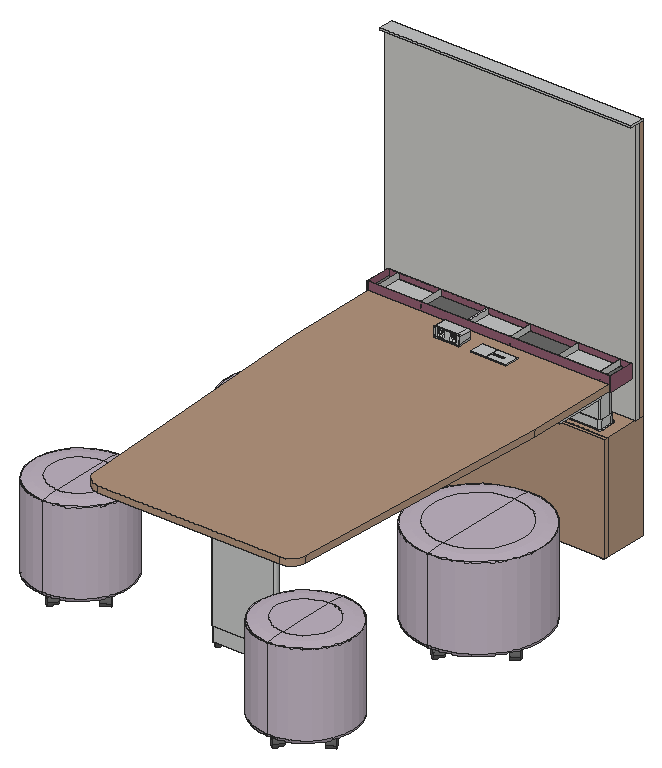
Revit family "Expansion_Casegoods-Meeting_01-Teknion-R2018", category Furniture Systems, Revit 2018 (continued)
Definition of nested family "Workstations-Multi_Level-Teknion-BH_MT_Peninusla_Bevel_Post_Leg_Mid_Height-R2018"
  Forms (in)
    Sweep 13, solid, material <- "Base Finish"
      path origin (-1.98841, 0, 0) x (0, 1, 0) y (0, 0, 1)
        loop
          line (-19.05225, 27.807) -> (-19.05225, 25.99598)
      profile origin (-1.98841, -19.05225, 26.90149) x (1, 0, 0) y (0, 1, 0)
        loop
          line (-1.89961, 2.14886) -> (-1.89961, -2.4257) -> (1.89961, -2.4257) -> (1.89961, 2.14886) -> (-1.89961, 2.14886)
    Sweep 14, solid, material <- "Base Finish"
      path origin (-1.98841, 0, 0) x (0, 1, 0) y (0, 0, 1)
        loop
          line (-9.40732, 26.17708) -> (-9.40732, 27.807)
      profile origin (-1.98841, -9.40732, 26.99204) x (0, -1, 0) y (1, 0, 0)
        loop
          line (-5.5, -5.19685) -> (5.5, -5.19685) -> (5.5, 1.85827) -> (-5.5, 1.85827) -> (-5.5, -5.19685)
    Sweep 15, solid
      path origin (-1.98841, 0, 0) x (0, 1, 0) y (0, 0, 1)
        loop
          line (9.31315, 27.807) -> (9.31315, 26.22826)
      profile origin (-1.98841, 9.31315, 27.01763) x (1, 0, 0) y (0, 1, 0)
        loop
          line (-4.05512, 6.75197) -> (-4.05512, -8.24803) -> (4.05512, -8.24803) -> (4.05512, 6.75197) -> (-4.05512, 6.75197)
    Sweep 16, solid, visible <- "Shared Outlets for Regular Powebar and IEC Powerbar"
      path origin (0, 0, 0) x (1, 0, 0) y (0, 1, 0)
        loop
          line (-0.13014, -7.16491) -> (0.05096, -7.16491)
      profile origin (-0.03959, -7.16491, 0) x (0, 1, 0) y (0, 0, 1)
        loop
          arc (0.51743, 27.47826) -> (0.5059, 27.5061) -> (0.47806, 27.51763) r 0.03937
          line (0.47806, 27.51763) -> (-0.49438, 27.51763)
          arc (-0.49438, 27.51763) -> (-0.52222, 27.5061) -> (-0.53375, 27.47826) r 0.03937
          line (-0.53375, 27.47826) -> (-0.53375, 26.50582)
          arc (-0.53375, 26.50582) -> (-0.52222, 26.47798) -> (-0.49438, 26.46645) r 0.03937
          line (-0.49438, 26.46645) -> (0.47806, 26.46645)
          arc (0.47806, 26.46645) -> (0.5059, 26.47798) -> (0.51743, 26.50582) r 0.03937
          line (0.51743, 26.50582) -> (0.51743, 27.47826)
        loop
          line (0.04105, 27.26172) -> (0.04105, 27.19086) -> (0.39145, 27.19086) -> (0.39145, 27.26172) -> (0.04105, 27.26172)
        loop
          line (0.08042, 26.78535) -> (0.08042, 26.71448) -> (0.35208, 26.71448) -> (0.35208, 26.78535) -> (0.08042, 26.78535)
        loop
          line (-0.36052, 27.09637) -> (-0.36052, 26.88771) -> (-0.25619, 26.88771)
          arc (-0.25619, 26.88771) -> (-0.15186, 26.99204) -> (-0.25619, 27.09637) r 0.10433
          line (-0.25619, 27.09637) -> (-0.36052, 27.09637)
    Sweep 17, solid, visible <- "Shared Outlets for Regular Powebar and IEC Powerbar"
      path origin (0, -1.5748, 0) x (1, 0, 0) y (0, 1, 0)
        loop
          line (0.05096, -7.16491) -> (-0.13014, -7.16491)
      profile origin (-0.03959, -8.73972, 0) x (0, -1, 0) y (0, 0, 1)
        loop
          line (-0.51743, 27.47826) -> (-0.51743, 26.50582)
          arc (-0.51743, 26.50582) -> (-0.5059, 26.47798) -> (-0.47806, 26.46645) r 0.03937
          line (-0.47806, 26.46645) -> (0.49438, 26.46645)
          arc (0.49438, 26.46645) -> (0.52222, 26.47798) -> (0.53375, 26.50582) r 0.03937
          line (0.53375, 26.50582) -> (0.53375, 27.47826)
          arc (0.53375, 27.47826) -> (0.52222, 27.5061) -> (0.49438, 27.51763) r 0.03937
          line (0.49438, 27.51763) -> (-0.47806, 27.51763)
          arc (-0.47806, 27.51763) -> (-0.5059, 27.5061) -> (-0.51743, 27.47826) r 0.03937
        loop
          line (-0.04105, 27.26172) -> (-0.39145, 27.26172) -> (-0.39145, 27.19086) -> (-0.04105, 27.19086) -> (-0.04105, 27.26172)
        loop
          line (-0.08042, 26.78535) -> (-0.35208, 26.78535) -> (-0.35208, 26.71448) -> (-0.08042, 26.71448) -> (-0.08042, 26.78535)
        loop
          line (0.36052, 27.09637) -> (0.25619, 27.09637)
          arc (0.25619, 27.09637) -> (0.15186, 26.99204) -> (0.25619, 26.88771) r 0.10433
          line (0.25619, 26.88771) -> (0.36052, 26.88771) -> (0.36052, 27.09637)
    Sweep 18, solid, visible <- "Shared Outlets for Regular Powebar and IEC Powerbar"
      path origin (0, -3.14961, 0) x (1, 0, 0) y (0, 1, 0)
        loop
          line (0.05096, -7.16491) -> (-0.13014, -7.16491)
      profile origin (-0.03959, -10.31452, 0) x (0, -1, 0) y (0, 0, 1)
        loop
          line (-0.51743, 27.47826) -> (-0.51743, 26.50582)
          arc (-0.51743, 26.50582) -> (-0.5059, 26.47798) -> (-0.47806, 26.46645) r 0.03937
          line (-0.47806, 26.46645) -> (0.49438, 26.46645)
          arc (0.49438, 26.46645) -> (0.52222, 26.47798) -> (0.53375, 26.50582) r 0.03937
          line (0.53375, 26.50582) -> (0.53375, 27.47826)
          arc (0.53375, 27.47826) -> (0.52222, 27.5061) -> (0.49438, 27.51763) r 0.03937
          line (0.49438, 27.51763) -> (-0.47806, 27.51763)
          arc (-0.47806, 27.51763) -> (-0.5059, 27.5061) -> (-0.51743, 27.47826) r 0.03937
        loop
          line (-0.04105, 27.26172) -> (-0.39145, 27.26172) -> (-0.39145, 27.19086) -> (-0.04105, 27.19086) -> (-0.04105, 27.26172)
        loop
          line (-0.08042, 26.78535) -> (-0.35208, 26.78535) -> (-0.35208, 26.71448) -> (-0.08042, 26.71448) -> (-0.08042, 26.78535)
        loop
          line (0.36052, 27.09637) -> (0.25619, 27.09637)
          arc (0.25619, 27.09637) -> (0.15186, 26.99204) -> (0.25619, 26.88771) r 0.10433
          line (0.25619, 26.88771) -> (0.36052, 26.88771) -> (0.36052, 27.09637)
    Sweep 19, solid, visible <- "Integrated Powerbar"
      path origin (0, -4.72441, 0) x (1, 0, 0) y (0, 1, 0)
        loop
          line (0.05096, -7.16491) -> (-0.13014, -7.16491)
      profile origin (-0.03959, -11.88932, 0) x (0, -1, 0) y (0, 0, 1)
        loop
          line (-0.51743, 27.47826) -> (-0.51743, 26.50582)
          arc (-0.51743, 26.50582) -> (-0.5059, 26.47798) -> (-0.47806, 26.46645) r 0.03937
          line (-0.47806, 26.46645) -> (0.49438, 26.46645)
          arc (0.49438, 26.46645) -> (0.52222, 26.47798) -> (0.53375, 26.50582) r 0.03937
          line (0.53375, 26.50582) -> (0.53375, 27.47826)
          arc (0.53375, 27.47826) -> (0.52222, 27.5061) -> (0.49438, 27.51763) r 0.03937
          line (0.49438, 27.51763) -> (-0.47806, 27.51763)
          arc (-0.47806, 27.51763) -> (-0.5059, 27.5061) -> (-0.51743, 27.47826) r 0.03937
        loop
          line (-0.04105, 27.26172) -> (-0.39145, 27.26172) -> (-0.39145, 27.19086) -> (-0.04105, 27.19086) -> (-0.04105, 27.26172)
        loop
          line (-0.08042, 26.78535) -> (-0.35208, 26.78535) -> (-0.35208, 26.71448) -> (-0.08042, 26.71448) -> (-0.08042, 26.78535)
        loop
          line (0.36052, 27.09637) -> (0.25619, 27.09637)
          arc (0.25619, 27.09637) -> (0.15186, 26.99204) -> (0.25619, 26.88771) r 0.10433
          line (0.25619, 26.88771) -> (0.36052, 26.88771) -> (0.36052, 27.09637)
    Sweep 20, solid, visible <- "Shared Outlets for Regular Powebar and IEC Powerbar"
      path origin (0, 0, 0) x (1, 0, 0) y (0, 1, 0)
        loop
          line (-0.13014, -5.12389) -> (-0.09077, -5.12389)
      profile origin (-0.11046, -5.12389, 0) x (0, 1, 0) y (0, 0, 1)
        loop
          line (0.29137, 27.36704) -> (-0.45863, 27.36704) -> (-0.45863, 26.61704) -> (0.29137, 26.61704) -> (0.29137, 27.36704)
    Sweep 21, solid, visible <- "Shared Outlets for Regular Powebar and IEC Powerbar"
      path origin (-1.98841, 0, 0) x (0, 1, 0) y (0, 0, 1)
        loop
          line (-5.18312, 27.17196) -> (-5.18312, 26.81212)
      profile origin (-1.98841, -5.18312, 26.99204) x (1, 0, 0) y (0, 1, 0)
        loop
          arc (1.91732, -0.21928) -> (1.93653, -0.06827) -> (1.9981, 0.07096) r 0.52705
          line (1.9981, 0.07096) -> (1.87909, 0.18886) -> (1.87909, -0.21928) -> (1.91732, -0.21928)
    Sweep 22, solid, visible <- "Integrated Powerbar with IEC Outlet"
      path origin (0, 0, 0) x (1, 0, 0) y (0, 1, 0)
        loop
          line (-0.08684, -11.99122) -> (-0.13014, -11.99122)
      profile origin (-0.10849, -11.99122, 0) x (0, -1, 0) y (0, 0, 1)
        loop
          arc (-0.57996, 27.51763) -> (-0.6078, 27.5061) -> (-0.61933, 27.47826) r 0.03937
          line (-0.61933, 27.47826) -> (-0.61933, 26.50582)
          arc (-0.61933, 26.50582) -> (-0.6078, 26.47798) -> (-0.57996, 26.46645) r 0.03937
          line (-0.57996, 26.46645) -> (0.72713, 26.46645)
          arc (0.72713, 26.46645) -> (0.75497, 26.47798) -> (0.7665, 26.50582) r 0.03937
          line (0.7665, 26.50582) -> (0.7665, 27.47826)
          arc (0.7665, 27.47826) -> (0.75497, 27.5061) -> (0.72713, 27.51763) r 0.03937
          line (0.72713, 27.51763) -> (-0.57996, 27.51763)
        loop
          line (0.63855, 27.14024) -> (0.36351, 27.41527) -> (-0.21634, 27.41527) -> (-0.49138, 27.14024) -> (-0.49138, 26.56881) -> (0.63855, 26.56881) -> (0.63855, 27.14024)
        loop
          line (0.52634, 26.68102) -> (0.52634, 27.09496) -> (0.31824, 27.30306) -> (-0.17107, 27.30306) -> (-0.37917, 27.09496) -> (-0.37917, 26.68102) -> (0.52634, 26.68102)
        loop
          line (0.10902, 27.24401) -> (0.03815, 27.24401) -> (0.03815, 27.12196) -> (0.10902, 27.12196) -> (0.10902, 27.24401)
        loop
          line (-0.10949, 26.97629) -> (-0.18823, 26.97629) -> (-0.18823, 26.807) -> (-0.10949, 26.807) -> (-0.10949, 26.97629)
        loop
          line (0.3354, 26.97629) -> (0.25666, 26.97629) -> (0.25666, 26.807) -> (0.3354, 26.807) -> (0.3354, 26.97629)
    Sweep 23, void
      path origin (-1.98841, 0, 0) x (0, 1, 0) y (0, 0, 1)
        loop
          line (10.30386, 32.362) -> (10.30386, 31.862)
      profile origin (-1.98841, 10.30386, 32.112) x (1, 0, 0) y (0, 1, 0)
        loop
          arc (-4.59449, 15.03684) -> (-4.8868, 14.91577) -> (-5.00787, 14.62346) r 0.41339
          line (-5.00787, 14.62346) -> (-5.00787, 13.43448)
          arc (-5.00787, 13.43448) -> (-4.8868, 13.14217) -> (-4.59449, 13.0211) r 0.41339
          line (-4.59449, 13.0211) -> (-3.40551, 13.0211)
          arc (-3.40551, 13.0211) -> (-3.1132, 13.14217) -> (-2.99213, 13.43448) r 0.41339
          line (-2.99213, 13.43448) -> (-2.99213, 14.62346)
          arc (-2.99213, 14.62346) -> (-3.1132, 14.91577) -> (-3.40551, 15.03684) r 0.41339
          line (-3.40551, 15.03684) -> (-4.59449, 15.03684)
    Sweep 24, solid, material <- "Grommet Finish", visible <- "Has End of Worksurface - Rectangular & Square"
      path origin (-1.98841, 0, 0) x (0, 1, 0) y (0, 0, 1)
        loop
          line (24.33283, 29.51957) -> (24.33283, 29.362)
      profile origin (-1.98841, 24.33283, 29.44078) x (1, 0, 0) y (0, 1, 0)
        loop
          line (0.67284, 1.42203) -> (0.67284, -1.42203) -> (3.52107, -1.42203) -> (3.52107, 1.42203) -> (0.67284, 1.42203)
    Sweep 25, solid, material <- "Grommet Finish", visible <- "Has End of Worksurface - Rectangular & Square"
      path origin (-1.98841, 0, 0) x (0, 1, 0) y (0, 0, 1)
        loop
          line (24.33283, 29.362) -> (24.33283, 29.51957)
      profile origin (-1.98841, 24.33283, 29.44078) x (0, -1, 0) y (1, 0, 0)
        loop
          line (-1.42203, 3.52107) -> (-0.21267, 3.52107) -> (-0.21267, 5.79967) -> (0.21267, 5.79967) -> (0.21267, 3.52107) -> (1.42203, 3.52107) -> (1.42203, 7.32716) -> (-1.42203, 7.32716) -> (-1.42203, 3.52107)
  Cuts and joins
    Sweep 23 cuts Sweep 1
  Lines and regions (in)
    Masking region 1
      outline origin (0, 0, 0) x (1, 0, 0) y (0, 1, 0)
        loop
          line (-16.28326, -37.18685) -> (12.30644, -37.18685)
          arc (12.30644, -37.18685) -> (14.27658, -36.40569) -> (15.17612, -34.48671) r 2.875
          line (15.17612, -34.48671) -> (17.90659, 10.32438) -> (17.90659, 31.81315) -> (-21.88341, 31.81315) -> (-21.88341, 10.32438) -> (-19.15294, -34.48671)
          arc (-19.15294, -34.48671) -> (-18.2534, -36.40569) -> (-16.28326, -37.18685) r 2.875
    symbolic lines, detail levels medium+fine
      curve 1: line (10.15563, 19.38008, 0) -> (-14.13245, 19.38008, 0)
      curve 2: line (-20.35292, 18.27772, 0) -> (-8.28762, 18.27772, 0)
      curve 3: line (-14.13245, 19.38008, 0) -> (-14.13245, 27.78559, 0)
      curve 4: line (-20.35292, 28.03559, 0) -> (-20.35292, 18.27772, 0)
      curve 5: line (16.3761, 18.27772, 0) -> (16.3761, 28.03559, 0)
      curve 6: line (10.15563, 27.78559, 0) -> (10.15563, 19.38008, 0)
      curve 7: line (8.75208, 27.78559, 0) -> (16.1261, 27.78559, 0)
      curve 8: line (16.1261, 30.50212, 0) -> (8.75208, 30.50212, 0)
      curve 9: line (8.50208, 30.25212, 0) -> (8.50208, 28.03559, 0)
      curve 10: line (16.3761, 28.03559, 0) -> (16.3761, 30.25212, 0)
      curve 11: arc (8.50208, 30.25212, 0) -> (8.57531, 30.4289, 0) -> (8.75208, 30.50212, 0) r 0.25
      curve 12: arc (16.1261, 30.50212, 0) -> (16.30287, 30.4289, 0) -> (16.3761, 30.25212, 0) r 0.25
      curve 13: arc (16.1261, 27.78559, 0) -> (16.30287, 27.85881, 0) -> (16.3761, 28.03559, 0) r 0.25
      curve 14: arc (8.75208, 27.78559, 0) -> (8.57531, 27.85881, 0) -> (8.50208, 28.03559, 0) r 0.25
      curve 47: line (-20.10292, 27.78559, 0) -> (-12.7289, 27.78559, 0)
      curve 48: line (-12.7289, 30.50212, 0) -> (-20.10292, 30.50212, 0)
      curve 49: line (-12.4789, 28.03559, 0) -> (-12.4789, 30.25212, 0)
      curve 50: line (-20.35292, 30.25212, 0) -> (-20.35292, 28.03559, 0)
      curve 51: arc (-20.35292, 28.03559, 0) -> (-20.27969, 27.85881, 0) -> (-20.10292, 27.78559, 0) r 0.25
      curve 52: arc (-12.4789, 28.03559, 0) -> (-12.55213, 27.85881, 0) -> (-12.7289, 27.78559, 0) r 0.25
      curve 53: arc (-12.7289, 30.50212, 0) -> (-12.55213, 30.4289, 0) -> (-12.4789, 30.25212, 0) r 0.25
      curve 54: arc (-20.35292, 30.25212, 0) -> (-20.27969, 30.4289, 0) -> (-20.10292, 30.50212, 0) r 0.25
      curve 55: line (4.3108, 18.27772, 0) -> (16.3761, 18.27772, 0)
      curve 56: line (-7.18526, 18.27772, 0) -> (3.20844, 18.27772, 0)
      curve 57: line (-7.18526, -17.90732, 0) -> (-7.18526, 18.27772, 0)
      curve 58: line (-8.28762, 18.27772, 0) -> (-8.28762, -17.90732, 0)
      curve 59: line (3.20844, 18.27772, 0) -> (3.20844, -17.90732, 0)
      curve 60: line (4.3108, -17.90732, 0) -> (4.3108, 18.27772, 0)
      curve 61: line (4.3108, -17.90732, 0) -> (-8.28762, -17.90732, 0)
      curve 62: line (-8.28762, -17.90732, 0) -> (-8.28762, -26.64748, 0)
      curve 63: line (-8.28762, -26.64748, 0) -> (4.3108, -26.64748, 0)
      curve 64: line (4.3108, -26.64748, 0) -> (4.3108, -17.90732, 0)
      curve 65: line (-4.94904, -21.47795, 0) -> (-8.01503, -23.39379, 0)
      curve 66: line (0.97222, -21.47795, 0) -> (-4.94904, -21.47795, 0)
      curve 67: line (4.03821, -23.39379, 0) -> (0.97222, -21.47795, 0)
      curve 68: line (-7.78762, -24.18685, 0) -> (3.8108, -24.18685, 0)
      curve 69: arc (4.03821, -23.39379, 0) -> (4.22331, -23.876, 0) -> (3.8108, -24.18685, 0) r 0.42913
      curve 70: arc (-7.78762, -24.18685, 0) -> (-8.20013, -23.876, 0) -> (-8.01503, -23.39379, 0) r 0.42913
      curve 81: line (-0.0888, -21.47795, 0) -> (-0.0888, -16.90339, 0)
      curve 82: line (-0.0888, -16.90339, 0) -> (-3.88802, -16.90339, 0)
      curve 83: line (-3.88802, -16.90339, 0) -> (-3.88802, -21.47795, 0)
      curve 84: line (-0.13014, -3.90732, 0) -> (-7.18526, -3.90732, 0)
      curve 85: line (-0.13014, -14.90732, 0) -> (-0.13014, -3.90732, 0)
      curve 86: line (-7.18526, -14.90732, 0) -> (-0.13014, -14.90732, 0)
      curve 87: line (-6.04353, 16.06512, 0) -> (2.06671, 16.06512, 0)
      curve 88: line (-6.04353, 1.06512, 0) -> (-6.04353, 16.06512, 0)
      curve 89: line (2.06671, 1.06512, 0) -> (-6.04353, 1.06512, 0)
      curve 90: line (2.06671, 16.06512, 0) -> (2.06671, 1.06512, 0)
    symbolic lines, detail levels fine
      curve 15: line (8.30523, 30.25212, 0) -> (8.30523, 28.03559, 0)
      curve 16: line (16.1261, 30.69897, 0) -> (8.75208, 30.69897, 0)
      curve 17: line (16.57295, 28.03559, 0) -> (16.57295, 30.25212, 0)
      curve 18: line (8.75208, 27.58874, 0) -> (16.1261, 27.58874, 0)
      curve 19: arc (8.30523, 28.03559, 0) -> (8.43611, 27.71962, 0) -> (8.75208, 27.58874, 0) r 0.44685
      curve 20: arc (8.75208, 30.69897, 0) -> (8.43611, 30.5681, 0) -> (8.30523, 30.25212, 0) r 0.44685
      curve 21: arc (16.57295, 30.25212, 0) -> (16.44207, 30.5681, 0) -> (16.1261, 30.69897, 0) r 0.44685
      curve 22: arc (16.1261, 27.58874, 0) -> (16.44207, 27.71962, 0) -> (16.57295, 28.03559, 0) r 0.44685
      curve 23: line (16.29342, 30.97457, 0) -> (8.58476, 30.97457, 0)
      curve 24: line (16.84854, 27.86827, 0) -> (16.84854, 30.41945, 0)
      curve 25: line (8.58476, 27.31315, 0) -> (16.29342, 27.31315, 0)
      curve 26: line (8.02964, 30.41945, 0) -> (8.02964, 27.86827, 0)
      curve 27: arc (8.02964, 30.41945, 0) -> (8.19223, 30.81198, 0) -> (8.58476, 30.97457, 0) r 0.55512
      curve 28: arc (8.58476, 27.31315, 0) -> (8.19223, 27.47574, 0) -> (8.02964, 27.86827, 0) r 0.55512
      curve 29: arc (16.84854, 27.86827, 0) -> (16.68595, 27.47574, 0) -> (16.29342, 27.31315, 0) r 0.55512
      curve 30: arc (16.29342, 30.97457, 0) -> (16.68595, 30.81198, 0) -> (16.84854, 30.41945, 0) r 0.55512
      curve 31: line (-12.56158, 30.97457, 0) -> (-20.27024, 30.97457, 0)
      curve 32: line (-12.00646, 27.86827, 0) -> (-12.00646, 30.41945, 0)
      curve 33: line (-20.27024, 27.31315, 0) -> (-12.56158, 27.31315, 0)
      curve 34: line (-20.82536, 30.41945, 0) -> (-20.82536, 27.86827, 0)
      curve 35: arc (-20.82536, 30.41945, 0) -> (-20.66277, 30.81198, 0) -> (-20.27024, 30.97457, 0) r 0.55512
      curve 36: arc (-20.27024, 27.31315, 0) -> (-20.66277, 27.47574, 0) -> (-20.82536, 27.86827, 0) r 0.55512
      curve 37: arc (-12.00646, 27.86827, 0) -> (-12.16905, 27.47574, 0) -> (-12.56158, 27.31315, 0) r 0.55512
      curve 38: arc (-12.56158, 30.97457, 0) -> (-12.16905, 30.81198, 0) -> (-12.00646, 30.41945, 0) r 0.55512
      curve 39: line (-12.7289, 30.69897, 0) -> (-20.10292, 30.69897, 0)
      curve 40: line (-12.28205, 28.03559, 0) -> (-12.28205, 30.25212, 0)
      curve 41: line (-20.10292, 27.58874, 0) -> (-12.7289, 27.58874, 0)
      curve 42: line (-20.54977, 30.25212, 0) -> (-20.54977, 28.03559, 0)
      curve 43: arc (-20.10292, 30.69897, 0) -> (-20.41889, 30.5681, 0) -> (-20.54977, 30.25212, 0) r 0.44685
      curve 44: arc (-20.54977, 28.03559, 0) -> (-20.41889, 27.71962, 0) -> (-20.10292, 27.58874, 0) r 0.44685
      curve 45: arc (-12.7289, 27.58874, 0) -> (-12.41293, 27.71962, 0) -> (-12.28205, 28.03559, 0) r 0.44685
      curve 46: arc (-12.28205, 30.25212, 0) -> (-12.41293, 30.5681, 0) -> (-12.7289, 30.69897, 0) r 0.44685
      curve 71: line (-4.91066, -21.61181, 0) -> (-7.9441, -23.50731, 0)
      curve 72: line (0.93384, -21.61181, 0) -> (-4.91066, -21.61181, 0)
      curve 73: line (-7.78762, -24.05299, 0) -> (3.8108, -24.05299, 0)
      curve 74: line (3.96727, -23.50731, 0) -> (0.93384, -21.61181, 0)
      curve 75: arc (3.96727, -23.50731, 0) -> (4.09464, -23.83911, 0) -> (3.8108, -24.05299, 0) r 0.29528
      curve 76: arc (-7.78762, -24.05299, 0) -> (-8.07146, -23.83911, 0) -> (-7.9441, -23.50731, 0) r 0.29528
      curve 77: arc (-7.2374, -24.10091, 0) -> (-7.7374, -23.60091, 0) -> (-7.2374, -23.10091, 0) r 0.5
      curve 78: arc (-7.2374, -23.10091, 0) -> (-6.7374, -23.60091, 0) -> (-7.2374, -24.10091, 0) r 0.5
      curve 79: arc (3.26058, -23.10091, 0) -> (3.76058, -23.60091, 0) -> (3.26058, -24.10091, 0) r 0.5
      curve 80: arc (3.26058, -24.10091, 0) -> (2.76058, -23.60091, 0) -> (3.26058, -23.10091, 0) r 0.5
    symbolic lines
      curve 91: line (-5.39392, 25.34071, 0) -> (-6.5829, 25.34071, 0)
      curve 92: line (-4.98054, 23.73835, 0) -> (-4.98054, 24.92732, 0)
      curve 93: line (-6.5829, 23.32496, 0) -> (-5.39392, 23.32496, 0)
      curve 94: line (-6.99628, 24.92732, 0) -> (-6.99628, 23.73835, 0)
      curve 95: arc (-6.5829, 25.34071, 0) -> (-6.87521, 25.21963, 0) -> (-6.99628, 24.92732, 0) r 0.41339
      curve 96: arc (-4.98054, 24.92732, 0) -> (-5.10161, 25.21963, 0) -> (-5.39392, 25.34071, 0) r 0.41339
      curve 97: arc (-5.39392, 23.32496, 0) -> (-5.10161, 23.44604, 0) -> (-4.98054, 23.73835, 0) r 0.41339
      curve 98: arc (-6.99628, 23.73835, 0) -> (-6.87521, 23.44604, 0) -> (-6.5829, 23.32496, 0) r 0.41339
    symbolic lines, visible <- "Has End of Worksurface - Rectangular & Square"
      curve 99: line (1.53266, 25.75487, 0) -> (-1.31557, 25.75487, 0)
      curve 100: line (5.33875, 25.75487, 0) -> (1.53266, 25.75487, 0)
      curve 101: line (5.33875, 22.9108, 0) -> (5.33875, 25.75487, 0)
      curve 102: line (1.53266, 22.9108, 0) -> (5.33875, 22.9108, 0)
      curve 103: line (-1.31557, 22.9108, 0) -> (1.53266, 22.9108, 0)
      curve 104: line (-1.31557, 25.75487, 0) -> (-1.31557, 22.9108, 0)
      curve 105: line (1.53266, 22.9108, 0) -> (1.53266, 25.75487, 0)
      curve 106: line (1.53266, 24.54551, 0) -> (3.81126, 24.54551, 0)
      curve 107: line (3.81126, 24.54551, 0) -> (3.81126, 24.12016, 0)
      curve 108: line (3.81126, 24.12016, 0) -> (1.53266, 24.12016, 0)
    symbolic lines, visible <- "Shared Outlets for Regular Powebar and IEC Powerbar", detail levels fine
      curve 109: line (-0.09077, -4.83252, 0) -> (-0.13014, -4.83252, 0)
      curve 110: line (-0.09077, -5.58252, 0) -> (-0.09077, -4.83252, 0)
      curve 111: line (-0.13014, -5.58252, 0) -> (-0.09077, -5.58252, 0)
      curve 112: line (0.00969, -5.11216, 0) -> (-0.09077, -5.01264, 0)
      curve 113: arc (-0.07109, -5.4024, 0) -> (-0.05188, -5.25139, 0) -> (0.00969, -5.11216, 0) r 0.52705
      curve 114: line (-0.09077, -5.4024, 0) -> (-0.07109, -5.4024, 0)
      curve 115: line (-0.13014, -6.64748, 0) -> (0.05096, -6.64748, 0)
      curve 116: line (-0.13014, -7.69866, 0) -> (-0.13014, -6.64748, 0)
      curve 117: line (0.05096, -7.69866, 0) -> (-0.13014, -7.69866, 0)
      curve 118: line (0.05096, -6.64748, 0) -> (0.05096, -7.69866, 0)
      curve 119: line (-0.13014, -8.22228, 0) -> (0.05096, -8.22228, 0)
      curve 120: line (-0.13014, -9.27347, 0) -> (-0.13014, -8.22228, 0)
      curve 121: line (0.05096, -9.27347, 0) -> (-0.13014, -9.27347, 0)
      curve 122: line (0.05096, -8.22228, 0) -> (0.05096, -9.27347, 0)
      curve 123: line (-0.13014, -9.79709, 0) -> (0.05096, -9.79709, 0)
      curve 124: line (-0.13014, -10.84827, 0) -> (-0.13014, -9.79709, 0)
      curve 125: line (0.05096, -10.84827, 0) -> (-0.13014, -10.84827, 0)
      curve 126: line (0.05096, -9.79709, 0) -> (0.05096, -10.84827, 0)
    symbolic lines, visible <- "Integrated Powerbar", detail levels fine
      curve 127: line (0.05096, -11.37189, 0) -> (-0.13014, -11.37189, 0)
      curve 128: line (0.05096, -12.42307, 0) -> (0.05096, -11.37189, 0)
      curve 129: line (-0.13014, -12.42307, 0) -> (0.05096, -12.42307, 0)
      curve 130: line (-0.13014, -11.37189, 0) -> (-0.13014, -12.42307, 0)
    symbolic lines, visible <- "Integrated Powerbar with IEC Outlet", detail levels fine
      curve 131: line (-0.08684, -12.75772, 0) -> (-0.13014, -12.75772, 0)
      curve 132: line (-0.08684, -11.37189, 0) -> (-0.08684, -12.75772, 0)
      curve 133: line (-0.13014, -11.37189, 0) -> (-0.08684, -11.37189, 0)
      curve 134: line (-0.13014, -12.75772, 0) -> (-0.13014, -11.37189, 0)
    reference lines
      curve 135: line (-21.88341, 31.81315, 0) -> (17.90659, 31.81315, 0)
      curve 136: line (-21.88341, -37.18685, 0) -> (17.90659, -37.18685, 0)
  Dimensions and locks (in)
    "Actual Depth": plane 4 "Left" to plane 5 "Right"
    "Width": plane 6 "Back" to plane 7 "Front"
    "Actual Height": plane 8 "Top" to level
    equal spacing: plane 4 "Left", plane 3 "Center Left/Right", plane 5 "Right"
    equal spacing: plane 7 "Front", plane 1 "Center Front/Back", plane 6 "Back"
    "Worksurface Thickness": plane 9 to plane 8 "Top"
    locked: plane 4 "Left" to Sweep 1 sketch curve at 5.60015
    locked: plane 7 "Front" to Sweep 1 sketch curve at 2.875  (x2)
    locked: Sweep 1 sketch curve to plane 5 "Right" at 5.60015
    locked: plane 8 "Top" to Sweep 2 sketch curve at 24.35827
    plane 7 "Front" to Sweep 2 sketch curve to Sweep 2 sketch curve to Sweep 2 sketch curve to Sweep 2 sketch curve = 13.13386" locked, 0.29528" locked, 0.000" locked, 2.14591" locked
    Sweep 2 sketch curve to Sweep 2 sketch curve to plane 3 "Center Left/Right" to Sweep 2 sketch curve to Sweep 2 sketch curve = 2.87697" locked, 2.92225" locked, 2.92225" locked, 2.87697" locked
    locked: plane 7 "Front" to Sweep 1 sketch curve at 2.70014  (x2)
    plane 4 "Left" to Sweep 1 sketch curve to Sweep 1 sketch curve = 2.73047" locked, 2.86968" locked
    Sweep 1 sketch curve to Sweep 1 sketch curve to plane 5 "Right" = 2.86968" locked, 2.73047" locked
    locked: plane 6 "Back" to Sweep 1 sketch curve at 21.48877  (x2)
    locked: Sweep 2 sketch curve to plane 2 at 0.60236
    plane 8 "Top" to Sweep 3 sketch curve to Sweep 3 sketch curve = 0.18898" locked, 24.16929" locked
    Sweep 3 sketch curve to Sweep 3 sketch curve to plane 3 "Center Left/Right" to Sweep 3 sketch curve to Sweep 3 sketch curve = 2.83858" locked, 2.96063" locked, 2.96063" locked, 2.83858" locked
    plane 7 "Front" to Sweep 3 sketch curve to Sweep 3 sketch curve to Sweep 3 sketch curve to Sweep 3 sketch curve = 13.000" locked, 0.42913" locked, 0.000" locked, 2.27977" locked
    locked: Sweep 4 sketch curve to plane 2 at 0.60236
    Sweep 4 sketch curve to plane 3 "Center Left/Right" to Sweep 4 sketch curve = 5.24899" locked, 5.24899" locked
    plane 7 "Front" to Sweep 4 sketch curve to Sweep 4 sketch curve = 13.58594" locked, 0.000" locked
    locked: Sweep 5 sketch curve to level at 1.61811
    plane 4 "Left" to Sweep 5 sketch curve to Sweep 5 sketch curve to Sweep 5 sketch curve = 1.53049" locked, 0.250" locked, 0.000" locked
    plane 4 "Left" to Sweep 5 sketch curve to Sweep 5 sketch curve to Sweep 5 sketch curve = 9.15451" locked, 0.000" locked, 0.250" locked
    plane 6 "Back" to Sweep 5 sketch curve to Sweep 5 sketch curve to Sweep 5 sketch curve to Sweep 5 sketch curve to Sweep 5 sketch curve = 1.31102" locked, 0.250" locked, 0.000" locked, 2.21654" locked, 0.000" locked
    Sweep 6 sketch curve to Sweep 6 sketch curve to plane 2 = 0.07874" locked, 21.000" locked
    plane 4 "Left" to Sweep 6 sketch curve to Sweep 6 sketch curve to Sweep 6 sketch curve to Sweep 6 sketch curve to Sweep 6 sketch curve to Sweep 6 sketch curve = 1.05805" locked, 0.55512" locked, 0.000" locked, 7.70866" locked, 0.000" locked, 0.55512" locked
    plane 6 "Back" to Sweep 6 sketch curve to Sweep 6 sketch curve to Sweep 6 sketch curve to Sweep 6 sketch curve to Sweep 6 sketch curve to Sweep 6 sketch curve = 0.83858" locked, 0.55512" locked, 0.000" locked, 2.55118" locked, 0.000" locked, 0.55512" locked
    Sweep 7 sketch curve to Sweep 7 sketch curve to plane 2 = 1.49606" locked, 21.07874" locked
    plane 6 "Back" to Sweep 7 sketch curve to Sweep 7 sketch curve to Sweep 7 sketch curve to Sweep 7 sketch curve to Sweep 7 sketch curve to Sweep 7 sketch curve = 1.11417" locked, 0.44685" locked, 0.000" locked, 2.21654" locked, 0.000" locked, 0.44685" locked
    plane 4 "Left" to Sweep 7 sketch curve to Sweep 7 sketch curve to Sweep 7 sketch curve to Sweep 7 sketch curve to Sweep 7 sketch curve to Sweep 7 sketch curve = 1.33364" locked, 0.44685" locked, 0.000" locked, 7.37402" locked, 0.000" locked, 0.44685" locked
    Sweep 8 sketch curve to Sweep 8 sketch curve to Sweep 8 sketch curve to plane 5 "Right" = 0.250" locked, 0.000" locked, 9.15451" locked
    Sweep 8 sketch curve to Sweep 8 sketch curve to Sweep 8 sketch curve to plane 5 "Right" = 0.000" locked, 0.250" locked, 1.53049" locked
    plane 6 "Back" to Sweep 8 sketch curve to Sweep 8 sketch curve to Sweep 8 sketch curve to Sweep 8 sketch curve to Sweep 8 sketch curve = 1.31102" locked, 0.250" locked, 0.000" locked, 2.21654" locked, 0.000" locked
    Sweep 9 sketch curve to Sweep 9 sketch curve to level = 0.07874" locked, 21.000" locked
    Sweep 9 sketch curve to Sweep 9 sketch curve to Sweep 9 sketch curve to Sweep 9 sketch curve to Sweep 9 sketch curve to Sweep 9 sketch curve to plane 5 "Right" = 0.55512" locked, 0.000" locked, 7.70866" locked, 0.000" locked, 0.55512" locked, 1.05805" locked
    plane 6 "Back" to Sweep 9 sketch curve to Sweep 9 sketch curve to Sweep 9 sketch curve to Sweep 9 sketch curve to Sweep 9 sketch curve to Sweep 9 sketch curve = 0.83858" locked, 0.55512" locked, 0.000" locked, 2.55118" locked, 0.000" locked, 0.55512" locked
    Sweep 10 sketch curve to Sweep 10 sketch curve to level = 1.49606" locked, 21.07874" locked
    plane 6 "Back" to Sweep 10 sketch curve to Sweep 10 sketch curve to Sweep 10 sketch curve to Sweep 10 sketch curve to Sweep 10 sketch curve to Sweep 10 sketch curve = 1.11417" locked, 0.44685" locked, 0.000" locked, 2.21654" locked, 0.000" locked, 0.44685" locked
    Sweep 10 sketch curve to Sweep 10 sketch curve to Sweep 10 sketch curve to Sweep 10 sketch curve to Sweep 10 sketch curve to Sweep 10 sketch curve to plane 5 "Right" = 0.44685" locked, 0.000" locked, 7.37402" locked, 0.000" locked, 0.44685" locked, 1.33364" locked
    locked: plane 8 "Top" to Sweep 11 sketch curve at 1.81102
    plane 4 "Left" to Sweep 11 sketch curve to Sweep 11 sketch curve = 1.53049" locked, 6.22047" locked
    Sweep 11 sketch curve to Sweep 11 sketch curve to plane 5 "Right" = 6.22047" locked, 1.53049" locked
    plane 6 "Back" to Sweep 11 sketch curve to Sweep 11 sketch curve to Sweep 11 sketch curve to Sweep 11 sketch curve = 12.43307" locked, 1.10236" locked, 0.000" locked, 0.000" locked
    plane 7 "Front" to Sweep 11 sketch curve to Sweep 11 sketch curve = 19.27953" locked, 0.000" locked
    locked: plane 8 "Top" to Sweep 12 sketch curve at 0.18898
    plane 7 "Front" to Sweep 12 sketch curve to Sweep 12 sketch curve = 10.53937" locked, 8.74016" locked
    Sweep 12 sketch curve to plane 3 "Center Left/Right" to Sweep 12 sketch curve = 6.29921" locked, 6.29921" locked
    locked: plane 8 "Top" to Sweep 13 sketch curve at 1.81102
    plane 7 "Front" to Sweep 13 sketch curve to Sweep 13 sketch curve = 15.7089" locked, 4.57456" locked
    Sweep 13 sketch curve to plane 3 "Center Left/Right" to Sweep 13 sketch curve = 1.89961" locked, 1.89961" locked
    locked: plane 8 "Top" to Sweep 14 sketch curve at 1.62992
    plane 7 "Front" to Sweep 14 sketch curve to Sweep 14 sketch curve = 22.27953" locked, 11.000" locked
    Sweep 14 sketch curve to plane 3 "Center Left/Right" to Sweep 14 sketch curve = 5.19685" locked, 1.85827" locked
    locked: plane 8 "Top" to Sweep 15 sketch curve at 1.57874
    Sweep 15 sketch curve to plane 3 "Center Left/Right" to Sweep 15 sketch curve = 4.05512" locked, 4.05512" locked
    plane 6 "Back" to Sweep 15 sketch curve to Sweep 15 sketch curve = 15.74803" locked, 15.000" locked
    Sweep 16 sketch curve to Sweep 14 to Sweep 16 sketch curve = 0.000" locked, 0.1811" locked
    plane 8 "Top" to Sweep 16 sketch curve to Sweep 16 sketch curve to Sweep 16 sketch curve to Sweep 16 sketch curve to Sweep 16 sketch curve to Sweep 16 sketch curve to Sweep 16 sketch curve to Sweep 16 sketch curve to Sweep 16 sketch curve to Sweep 16 sketch curve to Sweep 16 sketch curve to Sweep 16 sketch curve = 0.28937" locked, 0.03937" locked, 0.000" locked, 0.21654" locked, 0.07087" locked, 0.09449" locked, 0.20866" locked, 0.10236" locked, 0.07087" locked, 0.20866" locked, 0.000" locked, 0.03937" locked
    Sweep 16 sketch curve to Sweep 16 sketch curve to Sweep 16 sketch curve to Sweep 16 sketch curve to Sweep 16 sketch curve to Sweep 16 sketch curve to Sweep 16 sketch curve to Sweep 16 sketch curve to Sweep 16 sketch curve to Sweep 16 sketch curve to Sweep 16 sketch curve to Sweep 14 = 0.000" locked, 0.13386" locked, 0.10433" locked, 0.29724" locked, 0.03937" locked, 0.27165" locked, 0.03937" locked, 0.08661" locked, 0.000" locked, 0.03937" locked, 2.74016" locked
    locked: Sweep 17 sketch curve to Sweep 17 sketch curve at 0.1811
    locked: Sweep 18 sketch curve to Sweep 18 sketch curve at 0.1811
    locked: Sweep 19 sketch curve to Sweep 19 sketch curve at 0.1811
    plane 8 "Top" to Sweep 17 sketch curve to Sweep 17 sketch curve to Sweep 17 sketch curve to Sweep 17 sketch curve to Sweep 17 sketch curve to Sweep 17 sketch curve to Sweep 17 sketch curve to Sweep 17 sketch curve to Sweep 17 sketch curve to Sweep 17 sketch curve to Sweep 17 sketch curve to Sweep 17 sketch curve = 0.28937" locked, 0.03937" locked, 0.000" locked, 0.21654" locked, 0.07087" locked, 0.09449" locked, 0.20866" locked, 0.10236" locked, 0.07087" locked, 0.20866" locked, 0.000" locked, 0.03937" locked
    Sweep 17 sketch curve to Sweep 17 sketch curve to Sweep 17 sketch curve to Sweep 17 sketch curve to Sweep 17 sketch curve to Sweep 17 sketch curve to Sweep 17 sketch curve to Sweep 17 sketch curve to Sweep 17 sketch curve to Sweep 17 sketch curve to Sweep 17 sketch curve to Sweep 14 = 0.000" locked, 0.13386" locked, 0.10433" locked, 0.29724" locked, 0.03937" locked, 0.27165" locked, 0.03937" locked, 0.08661" locked, 0.000" locked, 0.03937" locked, 4.31496" locked
    plane 8 "Top" to Sweep 18 sketch curve to Sweep 18 sketch curve to Sweep 18 sketch curve to Sweep 18 sketch curve to Sweep 18 sketch curve to Sweep 18 sketch curve to Sweep 18 sketch curve to Sweep 18 sketch curve to Sweep 18 sketch curve to Sweep 18 sketch curve to Sweep 18 sketch curve to Sweep 18 sketch curve = 0.28937" locked, 0.03937" locked, 0.000" locked, 0.21654" locked, 0.07087" locked, 0.09449" locked, 0.20866" locked, 0.10236" locked, 0.07087" locked, 0.20866" locked, 0.000" locked, 0.03937" locked
    Sweep 18 sketch curve to Sweep 18 sketch curve to Sweep 18 sketch curve to Sweep 18 sketch curve to Sweep 18 sketch curve to Sweep 18 sketch curve to Sweep 18 sketch curve to Sweep 18 sketch curve to Sweep 18 sketch curve to Sweep 18 sketch curve to Sweep 18 sketch curve to Sweep 14 = 0.000" locked, 0.13386" locked, 0.10433" locked, 0.29724" locked, 0.03937" locked, 0.27165" locked, 0.03937" locked, 0.08661" locked, 0.000" locked, 0.03937" locked, 5.88976" locked
    plane 8 "Top" to Sweep 19 sketch curve to Sweep 19 sketch curve to Sweep 19 sketch curve to Sweep 19 sketch curve to Sweep 19 sketch curve to Sweep 19 sketch curve to Sweep 19 sketch curve to Sweep 19 sketch curve to Sweep 19 sketch curve to Sweep 19 sketch curve to Sweep 19 sketch curve to Sweep 19 sketch curve = 0.28937" locked, 0.03937" locked, 0.000" locked, 0.21654" locked, 0.07087" locked, 0.09449" locked, 0.20866" locked, 0.10236" locked, 0.07087" locked, 0.20866" locked, 0.000" locked, 0.03937" locked
    Sweep 14 to Sweep 19 sketch curve to Sweep 19 sketch curve to Sweep 19 sketch curve to Sweep 19 sketch curve to Sweep 19 sketch curve to Sweep 19 sketch curve to Sweep 19 sketch curve to Sweep 19 sketch curve to Sweep 19 sketch curve to Sweep 19 sketch curve to Sweep 19 sketch curve = 2.52362" locked, 0.000" locked, 0.13386" locked, 0.10433" locked, 0.29724" locked, 0.03937" locked, 0.27165" locked, 0.03937" locked, 0.08661" locked, 0.000" locked, 0.03937" locked
    locked: Sweep 14 to Sweep 20 sketch curve at 0.03937
    Sweep 14 to Sweep 20 sketch curve to Sweep 20 sketch curve = 0.9252" locked, 0.750" locked
    plane 8 "Top" to Sweep 20 sketch curve to Sweep 20 sketch curve = 0.43996" locked, 0.750" locked
    Sweep 20 to Sweep 21 sketch curve to Sweep 21 sketch curve = 0.19508" locked, 0.35984" locked
    Sweep 14 to Sweep 21 sketch curve to Sweep 21 sketch curve to Sweep 21 sketch curve to Sweep 21 sketch curve = 1.08694" locked, 0.1179" locked, 0.28053" locked, 0.00971" locked
    Sweep 14 to Sweep 21 sketch curve to Sweep 21 sketch curve to Sweep 21 sketch curve = 0.02082" locked, 0.03824" locked, 0.08077" locked
    locked: Sweep 8 sketch curve to plane 2 at 1.61811
    locked: Sweep 14 to Sweep 22 sketch curve at 0.04331
    Sweep 14 to Sweep 22 sketch curve to Sweep 22 sketch curve to Sweep 22 sketch curve to Sweep 22 sketch curve to Sweep 22 sketch curve to Sweep 22 sketch curve to Sweep 22 sketch curve to Sweep 22 sketch curve to Sweep 22 sketch curve to Sweep 22 sketch curve to Sweep 22 sketch curve to Sweep 22 sketch curve to Sweep 22 sketch curve to Sweep 22 sketch curve to Sweep 22 sketch curve to Sweep 22 sketch curve to Sweep 22 sketch curve to Sweep 22 sketch curve to Sweep 22 sketch curve to Sweep 22 sketch curve = 2.14961" locked, 0.03937" locked, 0.000" locked, 0.08858" locked, 0.1122" locked, 0.16283" locked, 0.02812" locked, 0.01716" locked, 0.06158" locked, 0.14764" locked, 0.07087" locked, 0.14764" locked, 0.06158" locked, 0.01716" locked, 0.02812" locked, 0.16283" locked, 0.1122" locked, 0.08858" locked, 0.000" locked, 0.03937" locked
    plane 8 "Top" to Sweep 22 sketch curve to Sweep 22 sketch curve to Sweep 22 sketch curve to Sweep 22 sketch curve to Sweep 22 sketch curve to Sweep 22 sketch curve to Sweep 22 sketch curve to Sweep 22 sketch curve to Sweep 22 sketch curve to Sweep 22 sketch curve to Sweep 22 sketch curve to Sweep 22 sketch curve = 0.28937" locked, 0.10236" locked, 0.1122" locked, 0.05906" locked, 0.12205" locked, 0.14567" locked, 0.000" locked, 0.16929" locked, 0.000" locked, 0.12598" locked, 0.1122" locked, 0.10236" locked
    locked: plane 10 to plane 9 at 3
    "Square Grommet Cut-out Hole Depth": plane 10 to Sweep 23 sketch curve
    plane 6 "Back" to Sweep 23 sketch curve to Sweep 23 sketch curve to Sweep 23 sketch curve to Sweep 23 sketch curve to Sweep 23 sketch curve to Sweep 23 sketch curve = 6.47244" locked, 0.41339" locked, 0.000" locked, 1.18898" locked, 0.000" locked, 0.41339" locked
    Sweep 23 sketch curve to Sweep 23 sketch curve to Sweep 23 sketch curve to Sweep 23 sketch curve to Sweep 23 sketch curve to Sweep 23 sketch curve to plane 3 "Center Left/Right" = 0.41339" locked, 0.000" locked, 1.18898" locked, 0.000" locked, 0.41339" locked, 2.99213" locked
    locked: Sweep 24 sketch curve to plane 9 at 0.15757
    plane 3 "Center Left/Right" to Sweep 24 sketch curve to Sweep 24 sketch curve = 0.67284" locked, 2.84823" locked
    Sweep 24 sketch curve to Sweep 24 sketch curve to plane 6 "Back" = 2.84406" locked, 6.05828" locked
    locked: Sweep 25 sketch curve to plane 9 at 0.15757
    plane 3 "Center Left/Right" to Sweep 25 sketch curve to Sweep 25 sketch curve to Sweep 25 sketch curve to Sweep 25 sketch curve = 3.52107" locked, 0.000" locked, 2.2786" locked, 1.52748" locked
    plane 6 "Back" to Sweep 25 sketch curve to Sweep 25 sketch curve to Sweep 25 sketch curve to Sweep 25 sketch curve = 6.05828" locked, 1.20936" locked, 0.42535" locked, 1.20936" locked
    Sweep 11 sketch curve to Sweep 11 sketch curve to plane 3 "Center Left/Right" to Sweep 11 sketch curve to Sweep 11 sketch curve = 1.10236" locked, 5.19685" locked, 5.19685" locked, 1.10236" locked
    locked: plane 4 "Left" to Masking region 1 sketch curve at 5.60015
    locked: plane 7 "Front" to Masking region 1 sketch curve at 2.875  (x2)
    locked: Masking region 1 sketch curve to plane 5 "Right" at 5.60015
    locked: plane 7 "Front" to Masking region 1 sketch curve at 2.70014  (x2)
    plane 4 "Left" to Masking region 1 sketch curve to Masking region 1 sketch curve = 2.73047" locked, 2.86968" locked
    Masking region 1 sketch curve to Masking region 1 sketch curve to plane 5 "Right" = 2.86968" locked, 2.73047" locked
    locked: plane 6 "Back" to Masking region 1 sketch curve at 21.48877  (x2)
    aligned and locked: level to plane 2
    aligned and locked: plane 8 "Top" to Sweep 1 sketch curve
    aligned and locked: plane 9 to Sweep 1 sketch curve
    aligned and locked: Sweep 1 sketch curve to plane 3 "Center Left/Right"
    aligned and locked: Sweep 1 sketch curve to plane 4 "Left"
    aligned and locked: Sweep 1 sketch curve to plane 5 "Right"
    aligned and locked: Sweep 1 sketch curve to plane 6 "Back"  (x2)
    aligned and locked: plane 2 to Sweep 4 sketch curve
    aligned and locked: plane 8 "Top" to Sweep 5 sketch curve
    aligned and locked: plane 8 "Top" to Sweep 11 sketch curve
    aligned and locked: Sweep 8 to Sweep 11 sketch curve
    aligned and locked: Sweep 11 sketch curve to Sweep 8
    aligned and locked: Sweep 11 sketch curve to Sweep 5
    aligned and locked: plane 8 "Top" to Sweep 12 sketch curve
    aligned and locked: plane 8 "Top" to Sweep 13 sketch curve
    aligned and locked: plane 8 "Top" to Sweep 14 sketch curve
    aligned and locked: plane 8 "Top" to Sweep 15 sketch curve
    aligned and locked: Sweep 14 to Sweep 17 sketch curve
    aligned and locked: Sweep 14 to Sweep 18 sketch curve
    aligned and locked: Sweep 14 to Sweep 19 sketch curve
    aligned and locked: Sweep 14 to Sweep 20 sketch curve
    aligned and locked: plane 8 "Top" to Sweep 8 sketch curve
    aligned and locked: Sweep 14 to Sweep 22 sketch curve
    aligned and locked: plane 10 to Sweep 23 sketch curve
    aligned and locked: plane 9 to Sweep 24 sketch curve
    aligned and locked: plane 9 to Sweep 25 sketch curve
    aligned and locked: curve 1 to Sweep 11
    aligned and locked: curve 2 to Sweep 11
    aligned and locked: curve 3 to Sweep 11
    aligned and locked: curve 5 to Sweep 11
    aligned and locked: curve 6 to Sweep 11
    aligned and locked: curve 11 to Sweep 8
    aligned and locked: curve 12 to Sweep 8
    aligned and locked: curve 13 to Sweep 11
    aligned and locked: curve 14 to Sweep 8
    aligned and locked: curve 19 to Sweep 10
    aligned and locked: curve 20 to Sweep 10
    aligned and locked: curve 21 to Sweep 10
    aligned and locked: curve 22 to Sweep 10
    aligned and locked: curve 27 to Sweep 9
    aligned and locked: curve 28 to Sweep 9
    aligned and locked: curve 29 to Sweep 9
    aligned and locked: curve 30 to Sweep 9
    aligned and locked: curve 35 to Sweep 6
    aligned and locked: curve 36 to Sweep 6
    aligned and locked: curve 37 to Sweep 6
    aligned and locked: curve 38 to Sweep 6
    aligned and locked: curve 43 to Sweep 7
    aligned and locked: curve 44 to Sweep 7
    aligned and locked: curve 45 to Sweep 7
    aligned and locked: curve 46 to Sweep 7
    aligned and locked: curve 51 to Sweep 11
    aligned and locked: curve 52 to Sweep 5
    aligned and locked: curve 53 to Sweep 5
    aligned and locked: curve 54 to Sweep 5
    aligned and locked: curve 55 to Sweep 11
    aligned and locked: curve 56 to Sweep 11
    aligned and locked: curve 57 to Sweep 11
    aligned and locked: curve 58 to Sweep 11
    aligned and locked: curve 59 to Sweep 11
    aligned and locked: curve 60 to Sweep 11
    aligned and locked: curve 61 to Sweep 12
    aligned and locked: curve 62 to Sweep 12
    aligned and locked: curve 63 to Sweep 12
    aligned and locked: curve 64 to Sweep 12
    aligned and locked: curve 65 to Sweep 3
    aligned and locked: curve 66 to Sweep 3
    aligned and locked: curve 69 to Sweep 3
    aligned and locked: curve 70 to Sweep 3
    aligned and locked: curve 71 to Sweep 2
    aligned and locked: curve 72 to Sweep 2
    aligned and locked: curve 75 to Sweep 2
    aligned and locked: curve 76 to Sweep 2
    aligned and locked: curve 77 to Sweep 4
    aligned and locked: curve 78 to Sweep 4
    aligned and locked: curve 79 to Sweep 4
    aligned and locked: curve 80 to Sweep 4
    aligned and locked: curve 81 to Sweep 13
    aligned and locked: curve 82 to Sweep 13
    aligned and locked: curve 83 to Sweep 13
    aligned and locked: curve 84 to Sweep 14
    aligned and locked: curve 85 to Sweep 14
    aligned and locked: curve 86 to Sweep 14
    aligned and locked: curve 87 to Sweep 15
    aligned and locked: curve 88 to Sweep 15
    aligned and locked: curve 89 to Sweep 15
    aligned and locked: curve 90 to Sweep 15
    aligned and locked: curve 95 to cut or joined group of Sweep 1, Sweep 23
    aligned and locked: curve 96 to cut or joined group of Sweep 1, Sweep 23
    aligned and locked: curve 97 to cut or joined group of Sweep 1, Sweep 23
    aligned and locked: curve 98 to cut or joined group of Sweep 1, Sweep 23
    aligned and locked: curve 99 to Sweep 24
    aligned and locked: curve 100 to Sweep 25
    aligned and locked: curve 101 to Sweep 25
    aligned and locked: curve 102 to Sweep 25
    aligned and locked: curve 103 to Sweep 24
    aligned and locked: curve 104 to Sweep 24
    aligned and locked: curve 105 to Sweep 24
    aligned and locked: curve 106 to Sweep 25
    aligned and locked: curve 107 to Sweep 25
    aligned and locked: curve 108 to Sweep 25
    aligned and locked: curve 109 to Sweep 20
    aligned and locked: curve 110 to Sweep 20
    aligned and locked: curve 111 to Sweep 20
    aligned and locked: curve 112 to Sweep 21
    aligned and locked: curve 113 to Sweep 21
    aligned and locked: Sweep 21 to curve 114
    aligned and locked: Sweep 20 to curve 114
    aligned and locked: curve 115 to Sweep 16
    aligned and locked: curve 85 to curve 116
    aligned and locked: curve 117 to Sweep 16
    aligned and locked: curve 118 to Sweep 16
    aligned and locked: curve 119 to Sweep 17
    aligned and locked: curve 85 to curve 120
    aligned and locked: curve 121 to Sweep 17
    aligned and locked: curve 122 to Sweep 17
    aligned and locked: curve 123 to Sweep 18
    aligned and locked: curve 85 to curve 124
    aligned and locked: curve 125 to Sweep 18
    aligned and locked: curve 126 to Sweep 18
    aligned and locked: curve 127 to Sweep 19
    aligned and locked: curve 128 to Sweep 19
    aligned and locked: curve 129 to Sweep 19
    aligned and locked: curve 130 to curve 85
    aligned and locked: curve 131 to Sweep 22
    aligned and locked: curve 132 to Sweep 22
    aligned and locked: curve 133 to curve 127
    aligned and locked: curve 134 to curve 130
    aligned and locked: Masking region 1 sketch curve to plane 4 "Left"
    aligned and locked: Masking region 1 sketch curve to plane 5 "Right"
    aligned and locked: Masking region 1 sketch curve to plane 6 "Back"  (x2)
    aligned and locked: curve 135 to plane 6 "Back"
    aligned and locked: curve 136 to plane 7 "Front"
    aligned and locked: nested 1 to plane 6 "Back"
    aligned and locked: plane 3 "Center Left/Right" to nested 1
  Automatic sketch dimensions
    Sweep 2 sketch curve to plane 7 "Front" = 14.35445"
    Sweep 2 sketch curve to Sweep 2 sketch curve = 0.25041"  (x2)
    Sweep 3 sketch curve to plane 7 "Front" = 14.35445"
    Sweep 3 sketch curve to Sweep 3 sketch curve = 0.36393"  (x2)
    Sweep 4 sketch curve to plane 7 "Front" = 13.57224"
    Sweep 5 sketch curve to plane 6 "Back" = 2.66929"
    Sweep 6 sketch curve to plane 6 "Back" = 2.66929"
    Sweep 7 sketch curve to plane 6 "Back" = 2.66929"
    Sweep 8 sketch curve to plane 6 "Back" = 2.66929"
    Sweep 9 sketch curve to plane 6 "Back" = 2.66929"
    Sweep 10 sketch curve to plane 6 "Back" = 2.66929"
    Sweep 11 sketch curve to plane 1 "Center Front/Back" = 0.000"
    Sweep 11 sketch curve to Sweep 11 sketch curve = 0.000"  (x2)
    Sweep 12 sketch curve to plane 7 "Front" = 14.35445"
    plane 1 "Center Front/Back" to Sweep 13 sketch curve = 16.3654"
    plane 1 "Center Front/Back" to Sweep 14 sketch curve = 6.72047"
    Sweep 15 sketch curve to plane 1 "Center Front/Back" = 12.000"
    plane 1 "Center Front/Back" to Sweep 16 sketch curve = 4.47806"
    plane 1 "Center Front/Back" to Sweep 17 sketch curve = 6.05286"
    plane 1 "Center Front/Back" to Sweep 18 sketch curve = 7.62767"
    plane 1 "Center Front/Back" to Sweep 19 sketch curve = 9.20247"
    plane 1 "Center Front/Back" to Sweep 20 sketch curve = 2.43704"
    plane 1 "Center Front/Back" to Sweep 21 sketch curve = 2.49627"
    plane 1 "Center Front/Back" to Sweep 22 sketch curve = 9.30437"
    Sweep 22 sketch curve to Sweep 22 sketch curve = 0.11867"  (x2)
    Sweep 22 sketch curve to Sweep 22 sketch curve = 0.04528"  (x2)
    Sweep 24 sketch curve to plane 6 "Back" = 7.48031"
    Sweep 25 sketch curve to plane 6 "Back" = 7.48031"
    curve 65 to curve 70 = 0.22741"
    curve 70 to curve 71 = 0.07093"
    curve 81 to curve 72 = 1.02264"
    curve 72 to curve 66 = 0.03838"
    curve 69 to curve 74 = 0.15647"
    curve 74 to curve 67 = 0.07093"
    curve 135 to plane 4 "Left" = 0.000"
    curve 135 to plane 5 "Right" = 0.000"
    curve 136 to plane 4 "Left" = 0.000"
    curve 136 to plane 5 "Right" = 0.000"
    Sweep 23 sketch curve to plane 1 "Center Front/Back" = 12.99072"
    radius of Sweep 4 sketch curve = 0.500"  (x2)
  Nested families (in)
    nested 1: "Teknion_2D_Node_Family-R2016" at (-1.98841, 31.81315, 0), visible <- "Connection Node Visibility", type "Teknion_2D_Node_Family-R2016"
  Definition of nested family "Teknion_2D_Node_Family-R2016"
    Reference planes (in)
      plane 1 "Center (Front/Back)": y = 0
      plane 2: z = 0
      plane 3 "Center (Left/Right)": x = 0
    Lines and regions (in)
      detail lines, in view "Ref. Level"
        curve 1: circle (0, 0, 0) r 1.25 normal (0, 0, 1)
        curve 2: line (1.91508, -1.91508, 0) -> (-1.91508, 1.91508, 0)
        curve 3: line (-1.91508, -1.91508, 0) -> (1.91508, 1.91508, 0)
Definition of nested family "Workstations-Multi_Level-Teknion-BHKHA-Mid_Height_Kneespace_Module-R2018"
  Parameters (values of type "9"d x 21"h")
    Width [instance] = 60.000"
    Warranty = "http://www.teknion.com/ca/papers/legal-canada"
    Unit Weight URL = "http://www.teknion.com/ca/tools/assets#&asset=bee6a381-b954-425e-8283-5a2de3a804f2,f828d448-4b62-4231-9e5f-9a8991c0ed77"
    URL = "www.teknion.com"
    To render please download texture images found here [instance] = "https://assets.teknion.com/web/5e81352c1dfdb467/revit-material-swatches/"
    Sustainability Data = "https://www.teknion.com/ca/tools/assets#&topic=216f99a5-57a0-44fc-b10a-9dee9b29ae4c&asset=444deb64-fe58-4b68-981e-f75e97781df7,b4ff2d81-9f2e-437d-9659-7cffb09c31cf"
    Series = "Expansion Casegoods"  # constant formula
    Product Page URL = "https://www.teknion.com/ca/products/product-details?productLineId=0053336e-8e7a-673b-a6c8-ff00004460c4"
    Product Line = "Expansion Casegoods"  # constant formula
    Product Documentation Link = "https://www.teknion.com/pricing/expansion-casegoods/pdfs/BHKHA_ppg.pdf"
    Part Number = "BHKHA"  # constant formula
    Model = "BHKHA9__21"
    Manufacturer Phone = "416-661-3370"  # constant formula
    Manufacturer Fax = "416.661.4586"  # constant formula
    Manufacturer Contact Information = "http://www.teknion.com/ca/contactus"
    Manufacturer Address = "1150 Flint Road, Toronto, ON. M3J 2J5. Canada"  # constant formula
    Manufacturer = "Teknion"  # constant formula
    How To Use Teknion Materials User Guide [instance] = "https://assets.teknion.com/m/205dd0a49fa58060/original/How-to-add-a-Material-Library-and-Texture-Images-to-your-Revit-project.pdf"
    Front Finish [instance] = none
    For Additional Finishes please visit [instance] = "https://assets.teknion.com/m/44a8009b046e5d47/original/Teknion_Materials_Library.zip"
    Description = "Mid-Height Kneespace Module for Height-Adjustability, 9\" Depth, 21\" Height"
    Connection Node Visibility [instance] = yes
    Case Finish [instance] = none
    Cabinet Hole Offset [instance] = if(Width > 53.000", 7.060", 2.334")  # 7.060"
    Cabinet Divider Cut Hole Depth [instance] = if(Width > 59.000", 2.701", 0.500")  # 2.701"
    Cabinet Divider 2D Lines [instance] = if(Width > 59.000", 1 < 2, 1 > 2)  # yes
    Available Widths [instance] = "42, 48, 54, 60, 66, 72, 78, 84, or 90 inches."  # constant formula
    Assembly Code = "E2020200"
    Actual Width [instance] = if(Width = 42.000", 41.790", if(Width = 48.000", 47.760", if(Width = 54.000", 53.730", if(Width = 60.000", 59.700", if(Width = 66.000", 65.670", if(Width = 72.000", 71.640", if(Width = 78.000", 77.610", if(Width = 84.000", 83.580", if(Width = 90.000", 89.550", 41.790")))))))))  # 59.700"
  Reference planes (in)
    plane 1 "Center Front/Back": y = 0.25676
    plane 2: z = 0
    plane 3 "Center Left/Right": x = -0.11732
    plane 4 "Left": x = -29.96732
    plane 5 "Right": x = 29.73268
    plane 6 "Back": y = 4.73426
    plane 7 "Front": y = -4.22074
    plane 8 "Top": z = 21
    plane 9: y = -6.22074
  Forms (in)
    Sweep 1, solid, material <- "Case Finish"
      path origin (0, 0.25676, 0) x (1, 0, 0) y (0, 0, 1)
        loop
          line (-0.11732, 0.60236) -> (-0.11732, 21)
      profile origin (-0.11732, 0.25676, 10.80118) x (-1, 0, 0) y (0, -1, 0)
        loop
          line (-29.85, 3.77671) -> (-29.85, -4.4775) -> (29.85, -4.4775) -> (29.85, 3.77671) -> (-29.85, 3.77671)
    Sweep 2, solid, material <- "Front Finish"
      path origin (0, 0, 0) x (1, 0, 0) y (0, 1, 0)
        loop
          line (-0.11732, -3.51995) -> (-0.11732, -4.22074)
      profile origin (-0.11732, -3.87034, 0) x (1, 0, 0) y (0, 0, 1)
        loop
          line (-29.85, 0.72047) -> (29.85, 0.72047) -> (29.85, 20.88189) -> (-29.85, 20.88189) -> (-29.85, 0.72047)
    Sweep 3, void
      path origin (0, 0.25676, 0) x (1, 0, 0) y (0, 0, 1)
        loop
          line (-23.49982, 19.23425) -> (-23.49982, 22.73425)
      profile origin (-23.49982, 0.25676, 20.98425) x (-1, 0, 0) y (0, -1, 0)
        loop
          line (-8.41337, -0.36333) -> (-1.03935, -0.36333)
          arc (-1.03935, -0.36333) -> (-0.72338, -0.23245) -> (-0.5925, 0.08352) r 0.44685
          line (-0.5925, 0.08352) -> (-0.5925, 2.30006)
          arc (-0.5925, 2.30006) -> (-0.72338, 2.61603) -> (-1.03935, 2.74691) r 0.44685
          line (-1.03935, 2.74691) -> (-8.41337, 2.74691)
          arc (-8.41337, 2.74691) -> (-8.72934, 2.61603) -> (-8.86022, 2.30006) r 0.44685
          line (-8.86022, 2.30006) -> (-8.86022, 0.08352)
          arc (-8.86022, 0.08352) -> (-8.72934, -0.23245) -> (-8.41337, -0.36333) r 0.44685
    Sweep 4, void
      path origin (0, 0.25676, 0) x (1, 0, 0) y (0, 0, 1)
        loop
          line (14.31018, 22.73425) -> (14.31018, 19.23425)
      profile origin (14.31018, 0.25676, 20.98425) x (0, -1, 0) y (1, 0, 0)
        loop
          line (-0.36333, 7.91565) -> (-0.36333, 0.54163)
          arc (-0.36333, 0.54163) -> (-0.23245, 0.22566) -> (0.08352, 0.09478) r 0.44685
          line (0.08352, 0.09478) -> (2.30006, 0.09478)
          arc (2.30006, 0.09478) -> (2.61603, 0.22566) -> (2.74691, 0.54163) r 0.44685
          line (2.74691, 0.54163) -> (2.74691, 7.91565)
          arc (2.74691, 7.91565) -> (2.61603, 8.23162) -> (2.30006, 8.3625) r 0.44685
          line (2.30006, 8.3625) -> (0.08352, 8.3625)
          arc (0.08352, 8.3625) -> (-0.23245, 8.23162) -> (-0.36333, 7.91565) r 0.44685
    Sweep 5, solid
      path origin (0, 0.25676, 0) x (1, 0, 0) y (0, 0, 1)
        loop
          line (-0.11732, 0) -> (-0.11732, 0.60236)
      profile origin (-0.11732, 0.25676, 0.30118) x (-1, 0, 0) y (0, -1, 0)
        loop
          circle (28.59264, -3.22941) r 0.5
        loop
          circle (28.59264, 3.22941) r 0.5
        loop
          circle (-28.59264, -3.22941) r 0.5
        loop
          circle (-28.59264, 3.22941) r 0.5
    Sweep 6, void
      path origin (0, 0.25676, 0) x (1, 0, 0) y (0, 0, 1)
        loop
          line (-0.11732, 1.61811) -> (-0.11732, 19.98425)
      profile origin (-0.11732, 0.25676, 10.80118) x (-1, 0, 0) y (0, -1, 0)
        loop
          line (28.83425, -3.77671) -> (28.83425, 3.77671) -> (-28.83425, 3.77671) -> (-28.83425, -3.77671) -> (28.83425, -3.77671)
    Sweep 7, void
      path origin (0, 0, 0) x (1, 0, 0) y (0, 1, 0)
        loop
          line (-0.11732, 4.73426) -> (-0.11732, 4.03348)
      profile origin (-0.11732, 4.38387, 0) x (1, 0, 0) y (0, 0, 1)
        loop
          line (-28.83425, 19.98425) -> (-28.83425, 9) -> (28.83425, 9) -> (28.83425, 19.98425) -> (-28.83425, 19.98425)
    Sweep 8, solid, material <- "Case Finish"
      path origin (0, 0, 0) x (1, 0, 0) y (0, 1, 0)
        loop
          line (-0.6252, 0.25676) -> (0.39055, 0.25676)
      profile origin (-0.11732, 0.25676, 0) x (0, 1, 0) y (0, 0, 1)
        loop
          line (3.77671, 1.61811) -> (3.77671, 19.98425) -> (-3.77671, 19.98425) -> (-3.77671, 1.61811) -> (3.77671, 1.61811)
    Sweep 9, void
      path origin (0, 0, 0) x (1, 0, 0) y (0, 1, 0)
        loop
          line (-0.11732, -6.22074) -> (-0.11732, -3.51974)
      profile origin (-0.11732, -4.87024, 0) x (-1, 0, 0) y (0, 0, 1)
        loop
          line (0.05906, 20.88189) -> (-0.05906, 20.88189) -> (-0.05906, 0.72047) -> (0.05906, 0.72047) -> (0.05906, 20.88189)
  Cuts and joins
    Sweep 3, Sweep 4, Sweep 6, Sweep 7 cuts Sweep 1
    Sweep 9 cuts Sweep 2
  Lines and regions (in)
    Masking region 1
      outline origin (0, 0, 0) x (1, 0, 0) y (0, 1, 0)
        loop
          line (-29.96732, 4.73426) -> (-29.96732, -4.22074) -> (29.73268, -4.22074) -> (29.73268, 4.73426) -> (-29.96732, 4.73426)
    symbolic lines
      curve 1: line (-29.96732, -3.51995, 0) -> (29.73268, -3.51995, 0)
      curve 2: line (-15.08646, 0.62009, 0) -> (-22.46047, 0.62009, 0)
